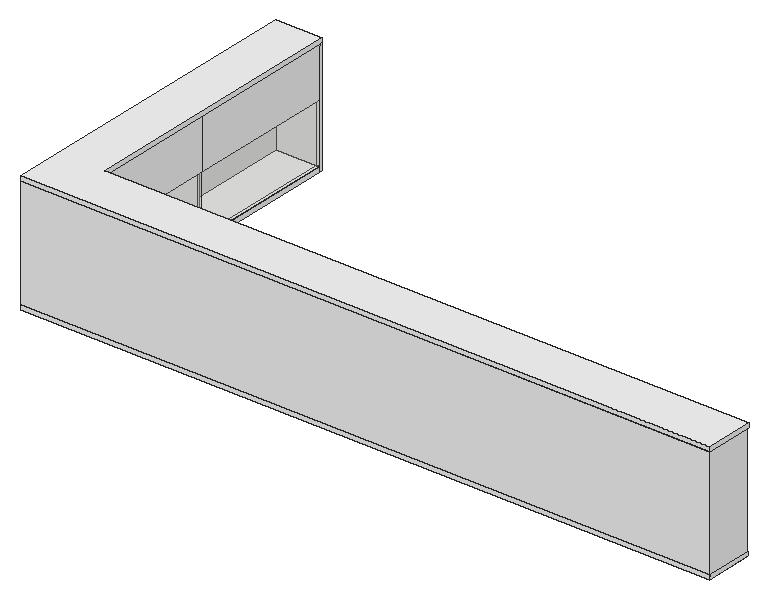
Revit family
Parameters (values of type "주방 윗선반")
  Assembly Code = ""
  Width = 600 mm
  Material of Wardrobe = Wardrobe Material
  Wardrobe Height = 2100 mm
  Loft Storage Height = 825 mm
  Length = 1200 mm
  Material of Handle = Handle Material
Reference planes
  plane 1 "Center (Front/Back)": y = 523.854
  plane 2: z = 0
  plane 3 "Center (Left/Right)": x = -3010.432
  plane 4: x = -3610.432
  plane 5: x = -2410.432
  plane 6: y = 823.854
  plane 7: y = 223.854
  plane 8: z = 2100
  plane 9: z = 2925
  plane 10: z = 3000
Forms (mm)
  Extrusion 1, solid, material "지정칼라H/G도장마감"
    sketch origin (175.487, -825.903, 2353.14) x (1, 0, 0) y (0, 1, 0)
      loop
        line (-7243.739, 1971.554) -> (-2443.739, 1971.554) -> (-2443.739, 2304.757) -> (-6923.739, 2304.757) -> (-6923.739, 4191.502) -> (-7243.739, 4191.502) -> (-7243.739, 2313) -> (-7243.739, 1971.554)
    from 40 to 10
  Extrusion 2, solid, material "지정칼라H/G도장마감"
    sketch origin (187.18, -25, 2183.14) x (1, 0, 0) y (0, 1, 0)
      loop
        line (-6949.219, 1478.854) -> (-6129.219, 1478.854) -> (-6129.219, 1503.854) -> (-6949.219, 1503.854) -> (-6949.219, 1478.854)
    from -170 to 180
  Extrusion 3, solid, material "지정칼라H/G도장마감"
    sketch origin (1012.18, -25, 2183.14) x (1, 0, 0) y (0, 1, 0)
      loop
        line (-6949.219, 1478.854) -> (-6129.219, 1478.854) -> (-6129.219, 1503.854) -> (-6949.219, 1503.854) -> (-6949.219, 1478.854)
    from -170 to 180
  Extrusion 4, solid, material "지정칼라H/G도장마감"
    sketch origin (1837.18, -25, 2183.14) x (1, 0, 0) y (0, 1, 0)
      loop
        line (-6949.219, 1478.854) -> (-6129.219, 1478.854) -> (-6129.219, 1503.854) -> (-6949.219, 1503.854) -> (-6949.219, 1478.854)
    from -170 to 180
  Extrusion 5, solid, material "지정칼라H/G도장마감"
    sketch origin (2667.18, -25, 2183.14) x (1, 0, 0) y (0, 1, 0)
      loop
        line (-6949.219, 1478.854) -> (-6059.219, 1478.854) -> (-6059.219, 1503.854) -> (-6949.219, 1503.854) -> (-6949.219, 1478.854)
    from -170 to 180
  Extrusion 6, solid, material "지정칼라H/G도장마감"
    sketch origin (3562.18, -25, 2183.14) x (1, 0, 0) y (0, 1, 0)
      loop
        line (-6949.219, 1478.854) -> (-5841.594, 1478.854) -> (-5841.594, 1503.854) -> (-6949.219, 1503.854) -> (-6949.219, 1478.854)
    from -170 to 180
  Extrusion 7, solid, material "주방유리"
    sketch origin (187.18, -25, 1593.14) x (1, 0, 0) y (0, 1, 0)
      loop
        line (-6949.219, 1478.854) -> (-6129.219, 1478.854) -> (-6129.219, 1503.854) -> (-6949.219, 1503.854) -> (-6949.219, 1478.854)
    from 0 to 420
  Extrusion 8, solid, material "주방유리"
    sketch origin (1012.18, -25, 1593.14) x (1, 0, 0) y (0, 1, 0)
      loop
        line (-6949.219, 1478.854) -> (-6129.219, 1478.854) -> (-6129.219, 1503.854) -> (-6949.219, 1503.854) -> (-6949.219, 1478.854)
    from 0 to 420
  Extrusion 9, solid, material "주방유리"
    sketch origin (1837.18, -25, 1593.14) x (1, 0, 0) y (0, 1, 0)
      loop
        line (-6949.219, 1478.854) -> (-6129.219, 1478.854) -> (-6129.219, 1503.854) -> (-6949.219, 1503.854) -> (-6949.219, 1478.854)
    from 0 to 420
  Extrusion 10, solid, material "지정칼라H/G도장마감"
    sketch origin (2667.18, -25, 1593.14) x (1, 0, 0) y (0, 1, 0)
      loop
        line (-6949.219, 1478.854) -> (-6059.219, 1478.854) -> (-6059.219, 1503.854) -> (-6949.219, 1503.854) -> (-6949.219, 1478.854)
    from 0 to 420
  Extrusion 11, solid, material "주방유리"
    sketch origin (3562.18, -25, 1593.14) x (1, 0, 0) y (0, 1, 0)
      loop
        line (-6949.219, 1478.854) -> (-5841.594, 1478.854) -> (-5841.594, 1503.854) -> (-6949.219, 1503.854) -> (-6949.219, 1478.854)
    from 0 to 420
  Extrusion 12, solid, material "지정칼라H/G도장마감"
    sketch origin (62.394, -12.5, 1563.14) x (1, 0, 0) y (0, 1, 0)
      loop
        line (-7120.646, 1168.151) -> (-7120.646, 3367.883) -> (-6810.646, 3367.883) -> (-6810.646, 3378.099) -> (-7130.646, 3378.099) -> (-7130.646, 1158.151) -> (-2330.646, 1158.151) -> (-2330.646, 1478.854) -> (-2341.807, 1478.854) -> (-2341.807, 1168.151) -> (-7120.646, 1168.151)
    from 0 to 800
  Extrusion 13, solid, material "지정칼라H/G도장마감"
    sketch origin (175.487, -834.146, 1553.14) x (1, 0, 0) y (0, 1, 0)
      loop
        line (-7243.739, 1979.797) -> (-2443.739, 1979.797) -> (-2443.739, 2313) -> (-6923.739, 2313) -> (-6923.739, 4199.745) -> (-7243.739, 4199.745) -> (-7243.739, 2313) -> (-7243.739, 1979.797)
    from 40 to 10
  Extrusion 14, solid, material "지정칼라H/G도장마감"
    sketch origin (-8252.106, -3800.365, 2183.14) x (0, -1, 0) y (1, 0, 0)
      loop
        line (-7154.88, 1478.854) -> (-6129.219, 1478.854) -> (-6129.219, 1503.854) -> (-7154.88, 1503.854) -> (-7154.88, 1478.854)
    from -170 to 180
  Extrusion 15, solid, material "지정칼라H/G도장마감"
    sketch origin (-8252.106, -4625.365, 2183.14) x (0, -1, 0) y (1, 0, 0)
      loop
        line (-6949.219, 1478.854) -> (-6104.219, 1478.854) -> (-6104.219, 1503.854) -> (-6949.219, 1503.854) -> (-6949.219, 1478.854)
    from -170 to 180
  Extrusion 16, solid, material "주방유리"
    sketch origin (-8252.106, -3800.365, 1593.14) x (0, -1, 0) y (1, 0, 0)
      loop
        line (-7154.88, 1478.854) -> (-6129.219, 1478.854) -> (-6129.219, 1503.854) -> (-7154.88, 1503.854) -> (-7154.88, 1478.854)
    from 0 to 420
  Extrusion 17, solid, material "주방유리"
    sketch origin (-8252.106, -4625.365, 1593.14) x (0, -1, 0) y (1, 0, 0)
      loop
        line (-6949.219, 1478.854) -> (-6104.219, 1478.854) -> (-6104.219, 1503.854) -> (-6949.219, 1503.854) -> (-6949.219, 1478.854)
    from 0 to 420
  Extrusion 18, solid, material "지정칼라H/G도장마감"
    sketch origin (62.394, -1248.243, 1593.14) x (1, 0, 0) y (0, 1, 0)
      loop
        line (-7120.646, 3567.097) -> (-6835.646, 3567.097) -> (-6835.646, 3577.312) -> (-7120.646, 3577.312) -> (-7120.646, 3567.097)
    from 0 to 770
  Extrusion 19, solid, material "지정칼라H/G도장마감"
    sketch origin (-2365.94, 8289.5, 1593.14) x (0, 1, 0) y (-1, 0, 0)
      loop
        line (-7120.646, 3567.097) -> (-6835.646, 3567.097) -> (-6835.646, 3577.312) -> (-7120.646, 3577.312) -> (-7120.646, 3567.097)
    from 0 to 770
  Extrusion 20, solid, material "지정칼라H/G도장마감"
    sketch origin (-1540.94, 8289.5, 1593.14) x (0, 1, 0) y (-1, 0, 0)
      loop
        line (-7120.646, 3567.097) -> (-6835.646, 3567.097) -> (-6835.646, 3577.312) -> (-7120.646, 3577.312) -> (-7120.646, 3567.097)
    from 0 to 770
  Extrusion 21, solid, material "지정칼라H/G도장마감"
    sketch origin (-716.155, 8289.5, 1593.14) x (0, 1, 0) y (-1, 0, 0)
      loop
        line (-7120.646, 3562.097) -> (-6835.646, 3562.097) -> (-6835.646, 3577.312) -> (-7120.646, 3577.312) -> (-7120.646, 3562.097)
    from 0 to 770
  Extrusion 22, solid, material "지정칼라H/G도장마감"
    sketch origin (178.845, 8289.5, 1593.14) x (0, 1, 0) y (-1, 0, 0)
      loop
        line (-7120.646, 3562.097) -> (-6835.646, 3562.097) -> (-6835.646, 3577.312) -> (-7120.646, 3577.312) -> (-7120.646, 3562.097)
    from 0 to 770
Dimensions and locks
  equal spacing: plane 4, plane 3 "Center (Left/Right)", plane 5
  "Length": plane 4 to plane 5
  equal spacing: plane 7, plane 1 "Center (Front/Back)", plane 6
  "Width": plane 7 to plane 6
  "Wardrobe Height": plane 8 to level
  locked: plane 10 to plane 9 at 75
  "Loft Storage Height": plane 9 to plane 8
  plane 10 to level = 3000 mm
  Extrusion 6 to Extrusion 1 = 0 mm
  aligned: Extrusion 12 to Extrusion 13
Automatic sketch dimensions
  Extrusion 1 sketch curve to plane 6 = 321.797 mm
  Extrusion 1 sketch curve to plane 4 = 3457.82 mm
  Extrusion 1 sketch curve to Extrusion 1 sketch curve = 320 mm
  plane 5 to Extrusion 1 sketch curve = 142.18 mm
  Extrusion 1 sketch curve to Extrusion 1 sketch curve = 333.203 mm
  Extrusion 1 sketch curve to Extrusion 1 sketch curve = 8.243 mm
  Extrusion 1 sketch curve to Extrusion 1 sketch curve = 1878.502 mm
  Extrusion 2 sketch curve to plane 6 = 655 mm
  Extrusion 2 sketch curve to plane 4 = 3151.607 mm
  Extrusion 2 sketch curve to Extrusion 2 sketch curve = 820 mm
  Extrusion 2 sketch curve to Extrusion 2 sketch curve = 25 mm
  Extrusion 3 sketch curve to plane 6 = 655 mm
  Extrusion 3 sketch curve to plane 4 = 2326.607 mm
  Extrusion 3 sketch curve to Extrusion 3 sketch curve = 820 mm
  Extrusion 3 sketch curve to Extrusion 3 sketch curve = 25 mm
  Extrusion 4 sketch curve to plane 6 = 655 mm
  Extrusion 4 sketch curve to plane 4 = 1501.607 mm
  Extrusion 4 sketch curve to plane 4 = 681.607 mm
  Extrusion 4 sketch curve to Extrusion 4 sketch curve = 25 mm
  Extrusion 5 sketch curve to plane 4 = 671.607 mm
  plane 4 to Extrusion 5 sketch curve = 218.393 mm
  Extrusion 5 sketch curve to plane 6 = 630 mm
  Extrusion 5 sketch curve to Extrusion 5 sketch curve = 25 mm
  plane 4 to Extrusion 6 sketch curve = 223.393 mm
  plane 5 to Extrusion 6 sketch curve = 131.019 mm
  Extrusion 6 sketch curve to plane 6 = 630 mm
  Extrusion 6 sketch curve to Extrusion 6 sketch curve = 25 mm
  Extrusion 7 sketch curve to plane 6 = 655 mm
  Extrusion 7 sketch curve to plane 4 = 3151.607 mm
  Extrusion 7 sketch curve to Extrusion 7 sketch curve = 820 mm
  Extrusion 7 sketch curve to Extrusion 7 sketch curve = 25 mm
  Extrusion 8 sketch curve to plane 6 = 655 mm
  Extrusion 8 sketch curve to plane 4 = 2326.607 mm
  Extrusion 8 sketch curve to Extrusion 8 sketch curve = 820 mm
  Extrusion 8 sketch curve to Extrusion 8 sketch curve = 25 mm
  Extrusion 9 sketch curve to plane 6 = 655 mm
  Extrusion 9 sketch curve to plane 4 = 1501.607 mm
  Extrusion 9 sketch curve to plane 4 = 681.607 mm
  Extrusion 9 sketch curve to Extrusion 9 sketch curve = 25 mm
  Extrusion 10 sketch curve to plane 4 = 671.607 mm
  plane 4 to Extrusion 10 sketch curve = 218.393 mm
  Extrusion 10 sketch curve to plane 6 = 630 mm
  Extrusion 10 sketch curve to Extrusion 10 sketch curve = 25 mm
  plane 4 to Extrusion 11 sketch curve = 223.393 mm
  plane 5 to Extrusion 11 sketch curve = 131.019 mm
  Extrusion 11 sketch curve to plane 6 = 630 mm
  Extrusion 11 sketch curve to Extrusion 11 sketch curve = 25 mm
  Extrusion 13 sketch curve to plane 6 = 321.797 mm
  Extrusion 13 sketch curve to plane 4 = 3457.82 mm
  Extrusion 13 sketch curve to Extrusion 13 sketch curve = 320 mm
  plane 5 to Extrusion 13 sketch curve = 142.18 mm
  Extrusion 13 sketch curve to Extrusion 13 sketch curve = 333.203 mm
  Extrusion 13 sketch curve to Extrusion 13 sketch curve = 0 mm
  Extrusion 13 sketch curve to Extrusion 13 sketch curve = 1886.745 mm
  Extrusion 14 sketch curve to plane 6 = 2530.661 mm
  Extrusion 14 sketch curve to Extrusion 14 sketch curve = 1025.661 mm
  Extrusion 14 sketch curve to plane 4 = 3162.82 mm
  Extrusion 14 sketch curve to Extrusion 14 sketch curve = 25 mm
  Extrusion 15 sketch curve to plane 6 = 1500 mm
  Extrusion 15 sketch curve to plane 6 = 655 mm
  Extrusion 15 sketch curve to plane 4 = 3162.82 mm
  Extrusion 15 sketch curve to Extrusion 15 sketch curve = 25 mm
  Extrusion 16 sketch curve to plane 6 = 2530.661 mm
  Extrusion 16 sketch curve to Extrusion 16 sketch curve = 1025.661 mm
  Extrusion 16 sketch curve to plane 4 = 3162.82 mm
  Extrusion 16 sketch curve to Extrusion 16 sketch curve = 25 mm
  Extrusion 17 sketch curve to plane 6 = 1500 mm
  Extrusion 17 sketch curve to plane 6 = 655 mm
  Extrusion 17 sketch curve to plane 4 = 3162.82 mm
  Extrusion 17 sketch curve to Extrusion 17 sketch curve = 25 mm
  Extrusion 18 sketch curve to plane 6 = 1505.215 mm
  Extrusion 18 sketch curve to plane 4 = 3447.82 mm
  Extrusion 18 sketch curve to Extrusion 18 sketch curve = 285 mm
  Extrusion 18 sketch curve to Extrusion 18 sketch curve = 10.215 mm
  Extrusion 19 sketch curve to plane 6 = 345 mm
  Extrusion 19 sketch curve to Extrusion 19 sketch curve = 285 mm
  Extrusion 19 sketch curve to plane 4 = 2322.604 mm
  Extrusion 19 sketch curve to Extrusion 19 sketch curve = 10.215 mm
  Extrusion 20 sketch curve to plane 6 = 345 mm
  Extrusion 20 sketch curve to Extrusion 20 sketch curve = 285 mm
  Extrusion 20 sketch curve to plane 4 = 1497.604 mm
  Extrusion 20 sketch curve to Extrusion 20 sketch curve = 10.215 mm
  Extrusion 21 sketch curve to plane 6 = 345 mm
  Extrusion 21 sketch curve to Extrusion 21 sketch curve = 285 mm
  Extrusion 21 sketch curve to plane 4 = 667.82 mm
  Extrusion 21 sketch curve to Extrusion 21 sketch curve = 15.215 mm
  Extrusion 22 sketch curve to plane 6 = 345 mm
  Extrusion 22 sketch curve to Extrusion 22 sketch curve = 285 mm
  plane 4 to Extrusion 22 sketch curve = 227.18 mm
  Extrusion 22 sketch curve to Extrusion 22 sketch curve = 15.215 mm
  Extrusion 12 sketch curve to plane 4 = 3457.82 mm
  Extrusion 12 sketch curve to Extrusion 12 sketch curve = 10 mm  (x2)
  Extrusion 12 sketch curve to Extrusion 12 sketch curve = 310 mm
  plane 5 to Extrusion 12 sketch curve = 131.019 mm
  Extrusion 12 sketch curve to Extrusion 12 sketch curve = 11.162 mm
  Extrusion 12 sketch curve to plane 6 = 321.797 mm
  Extrusion 12 sketch curve to Extrusion 12 sketch curve = 310.703 mm
  Extrusion 12 sketch curve to Extrusion 12 sketch curve = 2199.732 mm
  Extrusion 12 sketch curve to Extrusion 12 sketch curve = 10.215 mm
